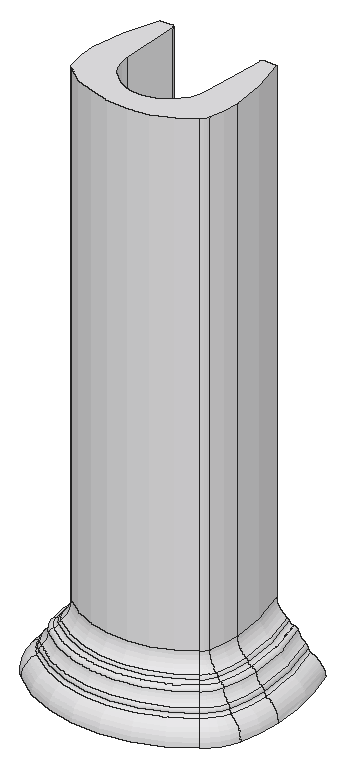
Revit family "Sink-Pedestal-KOHLER-PORTRAIT-K-2223X_1", category Specialty Equipment, host Face, Revit 2017
Family settings
  Host = Face
  Round Connector Dimension = Use Diameter
  Part Type = Normal
  OmniClass Number = 23.31.25.00
  OmniClass Title = Toilet and Bath Specialties
  Cut with Voids When Loaded = No
  Shared = No
  Room Calculation Point = No
Parameters (values of type "0-White")
  Width = 11 31/128"  # constant formula
  WaterSense Certified = 1 = 0  # no
  URL = "https://www.kohler.co.th/"
  Type = 1
  Product Page URL = "https://www.kohler.co.th/productDetails/2223X?skuid=2223X-0"
  Product Name = "PORTRAIT"  # constant formula
  Product Documentation Link = "http://resources.kohler.com/plumbing/kohlerapac/pdf/111442-X4-D.pdf"
  Model = "K-2223X-0"  # constant formula
  Material = "Vitreous china"  # constant formula
  Master Format 2014 Name = "Toilet, Bath, and Laundry Accessories"  # constant formula
  Master Format 2014 = "10 28 00"  # constant formula
  Manufacturer Address = "16th Floor, Jasmine City Building 2, Soi Sukhumvit 23, Sukhumvit Road, Khlong Toei Nuea, Watthana, Bangkok 10110"  # constant formula
  Manufacturer = "KOHLER Co."  # constant formula
  Length = 8 95/128"  # constant formula
  Height = 26 13/128"  # constant formula
  Finish = Kohler-Vitreous_China-0-White
  Environmental Product Declaration = ""
  Description = "Basin"  # constant formula
  Default Elevation = 0"
  Declare Label = ""
  Date Modified = "06/08/2021"  # constant formula
  Date Created = "06/08/2021"  # constant formula
  Copyright = "Copyright KOHLER Co."  # constant formula
  Contact Us = "https://www.kohler.co.th/contact-us"
  Assembly Code = "C1030200"
  ADA Compliant = 1 = 0  # no
Reference planes (in)
  plane 1 "Center (Front/Back)": y = 0
  plane 2: z = 0
  plane 3 "Center (Left/Right)": x = 0
  plane 4: z = 26.10156
  plane 5: y = 8.74219
  plane 6: z = 0.95247
  plane 7: z = 2.00968
  plane 8: y = 4.76533
  plane 9: z = 3.04259
  plane 10: x = -5.62131
  plane 11: x = 5.62088
  plane 12: x = -3.33201
  plane 13: x = 3.30076
Dimensions and locks (in)
  "Height": plane 4 to level
  "Width": plane 10 to plane 11
  "Length": plane 5 to plane 1 "Center (Front/Back)"
  aligned and locked: plane 2 to host face
  aligned and locked: level to host face
  aligned and locked: plane 9 to nested 1
Automatic sketch dimensions
  host sketch curve to host sketch curve = 96"  (x2)
Nested families (in)
  nested 1: "K-2223X" at (0, 12.00512, 0), type "K-2223X"
Definition of nested family "K-2223X"
  Parameters (values of type "K-2223X")
    Sink Material = none
    Single Faucet = if(Single Faucet Hole, 6", 2 3/4")  # 6"
    Single Faucet Hole = yes
    Faucet Hole Spacing = if([4 Inch Faucet Hole], 4", if([8 Inch Faucet Hole], 8", 4"))  # 4"
    8 Inch Faucet Hole = no
    4 Inch Faucet Hole = no
  Reference planes (in)
    plane 1 "Center (Front/Back)": y = -3.26341
    plane 2: z = 0
    plane 3 "Center (Left/Right)": x = 0
    plane 4: y = -7.23979
    plane 5: x = -3.33201
    plane 6: x = 3.33201
    plane 7: z = 3.04259
    plane 8: z = 2.01035
    plane 9: z = 0.95247
    plane 10: x = -5.62131
    plane 11: z = 26.10236
    plane 12: y = -3.97638
    plane 13: y = -10.08022
    plane 14: through (0, -34.83044, 32.76347) normal (0, -0.7071, 0.7071)
    plane 15: y = -12.00512
    plane 16: x = 5.62131
  Forms (in)
    Sweep 1, solid, material <- "Sink Material", detail levels medium+fine
      path origin (0, 0, 0) x (1, 0, 0) y (0, 1, 0)
        loop
          arc (-2.46686, -3.27015) -> (-3.18466, -5.17749) -> (-3.47626, -7.19445) r 9.43768
          arc (-3.47626, -7.19445) -> (-3.44857, -7.92065) -> (-3.3148, -8.63496) r 4.94735
          arc (-3.3148, -8.63496) -> (-3.2398, -8.80457) -> (-3.1159, -8.94256) r 0.59055
          arc (-3.1159, -8.94256) -> (-0.04705, -10.03067) -> (3.0218, -8.94256) r 4.87166
          arc (3.0218, -8.94256) -> (3.14571, -8.80457) -> (3.2207, -8.63496) r 0.59055
          arc (3.2207, -8.63496) -> (3.35448, -7.92065) -> (3.38216, -7.19445) r 4.94735
          arc (3.38216, -7.19445) -> (3.09056, -5.17749) -> (2.37276, -3.27015) r 9.43768
      profile origin (-0.04705, -10.03067, 0) x (0, 1, 0) y (0, 0, 1)
        loop
          arc (-0.90704, 1.83595) -> (-1.01216, 1.54741) -> (-1.20637, 1.30953) r 0.92024
          arc (-1.20637, 1.30953) -> (-1.26784, 1.22464) -> (-1.28615, 1.12144) r 0.2343
          arc (-1.28615, 1.12144) -> (-1.3109, 1.022) -> (-1.38667, 0.95299) r 0.17683
          arc (-1.38667, 0.95299) -> (-1.82102, 0.56313) -> (-1.97444, 0) r 1.03208
          line (-1.97444, 0) -> (0, 0) -> (0, 3.19508) -> (-0.0495, 3.19508) -> (-0.0495, 3.12056)
          arc (-0.0495, 3.12056) -> (-0.15171, 2.66799) -> (-0.4385, 2.30327) r 1.05307
          arc (-0.4385, 2.30327) -> (-0.49613, 2.23824) -> (-0.52985, 2.15816) r 0.26721
          arc (-0.52985, 2.15816) -> (-0.5944, 2.05443) -> (-0.70825, 2.01011) r 0.19335
          arc (-0.70825, 2.01011) -> (-0.83794, 1.95761) -> (-0.90704, 1.83595) r 0.2129
    Extrusion 2, solid, material <- "Sink Material", detail levels medium+fine
      sketch origin (0, 0, 0) x (1, 0, 0) y (0, 1, 0)
        loop
          arc (-2.8511, -4) -> (-3.32672, -5.56713) -> (-3.52573, -7.1927) r 9.48718
          arc (-3.52573, -7.1927) -> (-3.49777, -7.92617) -> (-3.36265, -8.64762) r 4.99685
          arc (-3.36265, -8.64762) -> (-3.28137, -8.83145) -> (-3.14708, -8.98101) r 0.64005
          arc (-3.14708, -8.98101) -> (-0.04705, -10.08018) -> (3.05299, -8.98101) r 4.92116
          arc (3.05299, -8.98101) -> (3.18728, -8.83145) -> (3.26856, -8.64762) r 0.64005
          arc (3.26856, -8.64762) -> (3.40367, -7.92617) -> (3.43164, -7.1927) r 4.99685
          arc (3.43164, -7.1927) -> (3.23262, -5.56713) -> (2.75701, -4) r 9.48718
          line (2.75701, -4) -> (2.18599, -4)
          arc (2.18599, -4) -> (2.09105, -4.0381) -> (2.04879, -4.13126) r 0.13733
          line (2.04879, -4.13126) -> (1.91953, -7.05067)
          arc (1.91953, -7.05067) -> (-0.04705, -8.9321) -> (-2.01362, -7.05067) r 1.9685
          line (-2.01362, -7.05067) -> (-2.14289, -4.13126)
          arc (-2.14289, -4.13126) -> (-2.18515, -4.0381) -> (-2.28009, -4) r 0.13733
          line (-2.28009, -4) -> (-2.8511, -4)
      from 0 to 26.10236
    Extrusion 3, solid, material <- "Sink Material", detail levels medium+fine
      sketch origin (0, 0, 0) x (1, 0, 0) y (0, 1, 0)
        loop
          line (-2.88539, -3.01575) -> (-2.40055, -8.5575)
          arc (-2.40055, -8.5575) -> (-2.07596, -9.30778) -> (-1.36668, -9.71424) r 1.29528
          arc (-1.36668, -9.71424) -> (-0.04636, -9.84626) -> (1.27397, -9.71424) r 6.66795
          arc (1.27397, -9.71424) -> (1.96933, -9.3231) -> (2.30357, -8.59867) r 1.29528
          line (2.30357, -8.59867) -> (2.79202, -3.01575) -> (-2.88539, -3.01575)
      from 0 to 0.31
    Extrusion 4, void
      sketch origin (0, 0, 0) x (0, 1, 0) y (0, 0, 1)
        loop
          line (-4, 3.19508) -> (-3.2472, 0) -> (-2.22835, 0) -> (-2.22835, 3.19508) -> (-4, 3.19508)
      from -5.67018 to 6.8566
    Extrusion 5, void
      sketch origin (0, 0, 0) x (1, 0, 0) y (0, 1, 0)
        loop
          circle (0, -7.25209) r 0.25528
      from -1.63769 to 1.79199
    Sweep 6, solid, material <- "Sink Material", detail levels coarse
      path origin (0, 0, 0) x (1, 0, 0) y (0, 1, 0)
        loop
          arc (-2.46686, -3.27015) -> (-3.18466, -5.17749) -> (-3.47626, -7.19445) r 9.43768
          arc (-3.47626, -7.19445) -> (-3.44857, -7.92065) -> (-3.3148, -8.63496) r 4.94735
          arc (-3.3148, -8.63496) -> (-3.2398, -8.80457) -> (-3.1159, -8.94256) r 0.59055
          arc (-3.1159, -8.94256) -> (-0.04705, -10.03067) -> (3.0218, -8.94256) r 4.87166
          arc (3.0218, -8.94256) -> (3.14571, -8.80457) -> (3.2207, -8.63496) r 0.59055
          arc (3.2207, -8.63496) -> (3.35448, -7.92065) -> (3.38216, -7.19445) r 4.94735
          arc (3.38216, -7.19445) -> (3.09056, -5.17749) -> (2.37276, -3.27015) r 9.43768
      profile origin (-0.04705, -10.03067, 0) x (0, 1, 0) y (0, 0, 1)
        loop
          line (0, 0) -> (0, 3.19508) -> (-0.0495, 3.19508) -> (-0.0495, 2.92163)
          arc (-0.0495, 2.92163) -> (-0.10809, 2.56305) -> (-0.27777, 2.24176) r 1.12656
          line (-0.27777, 2.24176) -> (-1.97444, 0) -> (0, 0)
    Extrusion 7, solid, material <- "Sink Material", detail levels coarse
      sketch origin (0, 0, 0) x (1, 0, 0) y (0, 1, 0)
        loop
          arc (-2.8511, -4) -> (-3.32672, -5.56713) -> (-3.52573, -7.1927) r 9.48718
          arc (-3.52573, -7.1927) -> (-3.49777, -7.92617) -> (-3.36265, -8.64762) r 4.99685
          arc (-3.36265, -8.64762) -> (-3.28137, -8.83145) -> (-3.14708, -8.98101) r 0.64005
          arc (-3.14708, -8.98101) -> (-0.04705, -10.08018) -> (3.05299, -8.98101) r 4.92116
          arc (3.05299, -8.98101) -> (3.18728, -8.83145) -> (3.26856, -8.64762) r 0.64005
          arc (3.26856, -8.64762) -> (3.40367, -7.92617) -> (3.43164, -7.1927) r 4.99685
          arc (3.43164, -7.1927) -> (3.23262, -5.56713) -> (2.75701, -4) r 9.48718
          line (2.75701, -4) -> (2.0546, -4) -> (1.91953, -7.05067)
          arc (1.91953, -7.05067) -> (-0.04705, -8.9321) -> (-2.01362, -7.05067) r 1.9685
          line (-2.01362, -7.05067) -> (-2.1487, -4) -> (-2.8511, -4)
      from 0 to 26.10236
    Extrusion 8, solid, material <- "Sink Material", detail levels coarse
      sketch origin (0, 0, 0) x (1, 0, 0) y (0, 1, 0)
        loop
          line (-2.88539, -3.01575) -> (-2.40055, -8.5575)
          arc (-2.40055, -8.5575) -> (-2.07596, -9.30778) -> (-1.36668, -9.71424) r 1.29528
          arc (-1.36668, -9.71424) -> (-0.04636, -9.84626) -> (1.27397, -9.71424) r 6.66795
          arc (1.27397, -9.71424) -> (1.96933, -9.3231) -> (2.30357, -8.59867) r 1.29528
          line (2.30357, -8.59867) -> (2.79202, -3.01575) -> (-2.88539, -3.01575)
      from 0 to 0.31
  Cuts and joins
    Extrusion 4, Extrusion 5 cuts Sweep 1
    Extrusion 4, Extrusion 5 cuts Extrusion 2
    Extrusion 4, Extrusion 5 cuts Extrusion 3
    joined: Sweep 1, Extrusion 2, Extrusion 3
    Extrusion 4 cuts Sweep 6
    Extrusion 4 cuts Extrusion 8
    joined: Sweep 6, Extrusion 7, Extrusion 8
  Lines and regions (in)
    Masking region 1
      outline origin (0, 0, 0) x (0, 1, 0) y (0, 0, 1)
        loop
          line (-3.97638, 0) -> (-3.26181, 0)
          spline (-3.26181, 0) -> (-3.26281, 0.09855) -> (-3.26732, 0.19639) -> (-3.2753, 0.29264) -> (-3.28667, 0.38641) -> (-3.30134, 0.47685) -> (-3.31917, 0.56313) -> (-3.33999, 0.64447) -> (-3.36363, 0.72012) -> (-3.38985, 0.7894) -> (-3.41842, 0.85167) -> (-3.44909, 0.90637) -> (-3.48156, 0.95299)
          spline (-3.48156, 0.95299) -> (-3.48726, 0.9612) -> (-3.49264, 0.97086) -> (-3.49763, 0.98189) -> (-3.5022, 0.99416) -> (-3.5063, 1.00758) -> (-3.50989, 1.022) -> (-3.51293, 1.03729) -> (-3.5154, 1.05331) -> (-3.51727, 1.06989) -> (-3.51852, 1.08688) -> (-3.51915, 1.10412) -> (-3.51914, 1.12144)
          spline (-3.51914, 1.12144) -> (-3.51906, 1.13905) -> (-3.51948, 1.15663) -> (-3.52038, 1.17408) -> (-3.52178, 1.19129) -> (-3.52365, 1.20818) -> (-3.52599, 1.22464) -> (-3.52879, 1.24058) -> (-3.53202, 1.25592) -> (-3.53568, 1.27056) -> (-3.53974, 1.28443) -> (-3.54418, 1.29744) -> (-3.54897, 1.30953)
          spline (-3.54897, 1.30953) -> (-3.56308, 1.34444) -> (-3.57644, 1.38141) -> (-3.58901, 1.42031) -> (-3.60075, 1.46103) -> (-3.61162, 1.50344) -> (-3.62158, 1.54741) -> (-3.63061, 1.5928) -> (-3.63868, 1.63947) -> (-3.64576, 1.68727) -> (-3.65184, 1.73605) -> (-3.65688, 1.78566) -> (-3.66088, 1.83595)
          spline (-3.66088, 1.83595) -> (-3.66297, 1.85903) -> (-3.66601, 1.88135) -> (-3.66996, 1.90262) -> (-3.67477, 1.92258) -> (-3.68038, 1.94099) -> (-3.68672, 1.95761) -> (-3.69371, 1.97224) -> (-3.70127, 1.98469) -> (-3.7093, 1.99482) -> (-3.71771, 2.00249) -> (-3.72638, 2.0076) -> (-3.7352, 2.01011)
          spline (-3.7352, 2.01011) -> (-3.74291, 2.01224) -> (-3.75048, 2.01657) -> (-3.75783, 2.02304) -> (-3.76488, 2.03158) -> (-3.77156, 2.04208) -> (-3.77777, 2.05443) -> (-3.78345, 2.06849) -> (-3.78854, 2.08409) -> (-3.79298, 2.10106) -> (-3.79671, 2.1192) -> (-3.7997, 2.13831) -> (-3.8019, 2.15816)
          spline (-3.8019, 2.15816) -> (-3.80331, 2.1722) -> (-3.80501, 2.18603) -> (-3.80698, 2.19958) -> (-3.80923, 2.21283) -> (-3.81174, 2.22573) -> (-3.81451, 2.23824) -> (-3.81753, 2.25033) -> (-3.82079, 2.26197) -> (-3.82429, 2.27311) -> (-3.828, 2.28373) -> (-3.83193, 2.2938) -> (-3.83606, 2.30327)
          spline (-3.83606, 2.30327) -> (-3.8541, 2.34498) -> (-3.87117, 2.38954) -> (-3.8872, 2.43679) -> (-3.90214, 2.48654) -> (-3.91591, 2.53862) -> (-3.92849, 2.59283) -> (-3.93981, 2.64899) -> (-3.94984, 2.70687) -> (-3.95854, 2.76627) -> (-3.96588, 2.82697) -> (-3.97183, 2.88875) -> (-3.97638, 2.95138)
          line (-3.97638, 2.95138) -> (-3.97638, 26.10236) -> (-10.08022, 26.10236) -> (-10.08022, 3.09076)
          arc (-10.08022, 3.09076) -> (-10.18507, 2.66087) -> (-10.45928, 2.31359) r 1.03912
          arc (-10.45928, 2.31359) -> (-10.52477, 2.2398) -> (-10.56428, 2.14938) r 0.31553
          arc (-10.56428, 2.14938) -> (-10.62788, 2.05094) -> (-10.73758, 2.00968) r 0.18702
          arc (-10.73758, 2.00968) -> (-10.86709, 1.95834) -> (-10.93636, 1.83748) r 0.21099
          arc (-10.93636, 1.83748) -> (-11.0432, 1.54559) -> (-11.23973, 1.30479) r 0.93588
          arc (-11.23973, 1.30479) -> (-11.29775, 1.22481) -> (-11.31546, 1.12761) r 0.22266
          arc (-11.31546, 1.12761) -> (-11.34173, 1.02325) -> (-11.42091, 0.95037) r 0.1881
          arc (-11.42091, 0.95037) -> (-11.85112, 0.56009) -> (-12.00512, 0) r 1.04061
          line (-12.00512, 0) -> (-3.97638, 0)
    Masking region 2
      outline origin (0, -3.26341, 0) x (1, 0, 0) y (0, 0, 1)
        loop
          line (-5.62133, 0) -> (5.62133, 0)
          arc (5.62133, 0) -> (5.4718, 0.563) -> (5.03861, 0.95247) r 1.02046
          arc (5.03861, 0.95247) -> (4.95944, 1.02475) -> (4.93428, 1.12896) r 0.18315
          arc (4.93428, 1.12896) -> (4.91797, 1.22637) -> (4.86073, 1.30687) r 0.22031
          arc (4.86073, 1.30687) -> (4.66386, 1.55023) -> (4.55587, 1.84404) r 0.95877
          arc (4.55587, 1.84404) -> (4.48797, 1.9612) -> (4.3618, 2.01035) r 0.20475
          arc (4.3618, 2.01035) -> (4.25198, 2.04954) -> (4.18503, 2.145) r 0.19217
          arc (4.18503, 2.145) -> (4.13855, 2.24285) -> (4.06684, 2.32404) r 0.38798
          arc (4.06684, 2.32404) -> (3.81239, 2.64694) -> (3.70072, 3.04259) r 1.05464
          line (3.70072, 3.04259) -> (3.33201, 26.10236) -> (-3.33201, 26.10236) -> (-3.70072, 3.04259)
          arc (-3.70072, 3.04259) -> (-3.81239, 2.64694) -> (-4.06684, 2.32404) r 1.05464
          arc (-4.06684, 2.32404) -> (-4.13855, 2.24285) -> (-4.18503, 2.145) r 0.38798
          arc (-4.18503, 2.145) -> (-4.25198, 2.04954) -> (-4.3618, 2.01035) r 0.19217
          arc (-4.3618, 2.01035) -> (-4.48797, 1.9612) -> (-4.55587, 1.84404) r 0.20475
          arc (-4.55587, 1.84404) -> (-4.66386, 1.55023) -> (-4.86073, 1.30687) r 0.95877
          arc (-4.86073, 1.30687) -> (-4.91797, 1.22637) -> (-4.93428, 1.12896) r 0.22031
          arc (-4.93428, 1.12896) -> (-4.95944, 1.02475) -> (-5.03861, 0.95247) r 0.18315
          arc (-5.03861, 0.95247) -> (-5.4718, 0.563) -> (-5.62133, 0) r 1.02046
    Masking region 3
      outline origin (0, 0, 0) x (1, 0, 0) y (0, 1, 0)
        loop
          arc (-4.73996, -10.11149) -> (0.10238, -12.00414) -> (4.87806, -9.94907) r 6.8461
          arc (4.87806, -9.94907) -> (5.2395, -9.46016) -> (5.45367, -8.89112) r 2.20472
          arc (5.45367, -8.89112) -> (5.59299, -8.01315) -> (5.61863, -7.12457) r 6.92179
          arc (5.61863, -7.12457) -> (5.37693, -5.15828) -> (4.79882, -3.26341) r 11.41212
          line (4.79882, -3.26341) -> (-4.79574, -3.26341)
          arc (-4.79574, -3.26341) -> (-5.37386, -5.15828) -> (-5.61556, -7.12457) r 11.41212
          arc (-5.61556, -7.12457) -> (-5.58036, -8.10834) -> (-5.40596, -9.07717) r 6.92179
          arc (-5.40596, -9.07717) -> (-5.13444, -9.63391) -> (-4.73996, -10.11149) r 2.62369
    symbolic lines, detail levels medium+fine
      curve 1: line (0, -8.73007, 3.10707) -> (0, -8.73007, 26.10236)
      curve 2: line (0, -9.73152, 3.13421) -> (0, -9.73152, 26.10236)
      curve 3: spline (0, -10.02829, 2.30379) -> (0, -9.98301, 2.35559) -> (0, -9.94083, 2.41178) -> (0, -9.90197, 2.47202) -> (0, -9.86667, 2.53598) -> (0, -9.83511, 2.6033) -> (0, -9.80749, 2.67358) -> (0, -9.78396, 2.74643) -> (0, -9.76466, 2.82143) -> (0, -9.74969, 2.89815) -> (0, -9.73914, 2.97615) -> (0, -9.73307, 3.05498) -> (0, -9.73152, 3.13421)
      curve 4: spline (0, -10.23373, 2.01011) -> (0, -10.21839, 2.01211) -> (0, -10.20329, 2.01625) -> (0, -10.1886, 2.02248) -> (0, -10.17449, 2.03073) -> (0, -10.16111, 2.04091) -> (0, -10.14861, 2.05292) -> (0, -10.13712, 2.06661) -> (0, -10.12678, 2.08183) -> (0, -10.1177, 2.09842) -> (0, -10.10998, 2.11619) -> (0, -10.1037, 2.13495) -> (0, -10.09894, 2.15449)
      curve 5: spline (0, -10.09894, 2.15449) -> (0, -10.09611, 2.16899) -> (0, -10.09268, 2.18327) -> (0, -10.08865, 2.19726) -> (0, -10.08404, 2.21093) -> (0, -10.07886, 2.22424) -> (0, -10.07313, 2.23714) -> (0, -10.06686, 2.24959) -> (0, -10.06009, 2.26155) -> (0, -10.05282, 2.27299) -> (0, -10.04508, 2.28386) -> (0, -10.03689, 2.29414) -> (0, -10.02829, 2.30379)
      curve 6: spline (0, -10.38348, 1.84112) -> (0, -10.37882, 1.86376) -> (0, -10.37234, 1.88558) -> (0, -10.36412, 1.90632) -> (0, -10.35425, 1.92574) -> (0, -10.34286, 1.94361) -> (0, -10.33009, 1.95971) -> (0, -10.31607, 1.97384) -> (0, -10.30099, 1.98585) -> (0, -10.28502, 1.99558) -> (0, -10.26835, 2.00292) -> (0, -10.25119, 2.00778) -> (0, -10.23373, 2.01011)
      curve 7: spline (0, -10.60983, 1.30973) -> (0, -10.58117, 1.3448) -> (0, -10.55405, 1.38199) -> (0, -10.52855, 1.42117) -> (0, -10.50475, 1.46222) -> (0, -10.48273, 1.50501) -> (0, -10.46255, 1.5494) -> (0, -10.44429, 1.59525) -> (0, -10.428, 1.64242) -> (0, -10.41373, 1.69074) -> (0, -10.40152, 1.74007) -> (0, -10.39143, 1.79026) -> (0, -10.38348, 1.84112)
      curve 8: spline (0, -10.66989, 1.11792) -> (0, -10.67023, 1.13589) -> (0, -10.66953, 1.15384) -> (0, -10.66781, 1.17166) -> (0, -10.66507, 1.18925) -> (0, -10.66134, 1.20651) -> (0, -10.65663, 1.22333) -> (0, -10.65097, 1.23962) -> (0, -10.6444, 1.25527) -> (0, -10.63695, 1.27019) -> (0, -10.62867, 1.2843) -> (0, -10.61961, 1.2975) -> (0, -10.60983, 1.30973)
      curve 9: spline (0, -10.74545, 0.95301) -> (0, -10.73422, 0.96099) -> (0, -10.72362, 0.97039) -> (0, -10.71375, 0.98113) -> (0, -10.70469, 0.9931) -> (0, -10.69654, 1.00619) -> (0, -10.68936, 1.02028) -> (0, -10.68323, 1.03524) -> (0, -10.6782, 1.05092) -> (0, -10.67432, 1.06719) -> (0, -10.67163, 1.08388) -> (0, -10.67015, 1.10084) -> (0, -10.66989, 1.11792)
      curve 10: spline (0, -11.18551, 0) -> (0, -11.18347, 0.0989) -> (0, -11.17441, 0.19706) -> (0, -11.15839, 0.29358) -> (0, -11.13558, 0.38757) -> (0, -11.10617, 0.47817) -> (0, -11.07044, 0.56454) -> (0, -11.02873, 0.64588) -> (0, -10.9814, 0.72145) -> (0, -10.92891, 0.79056) -> (0, -10.87173, 0.85255) -> (0, -10.81039, 0.90687) -> (0, -10.74545, 0.95301)
      curve 11: spline (0, -9.02681, 2.30379) -> (0, -8.98279, 2.35405) -> (0, -8.94167, 2.40846) -> (0, -8.90368, 2.46671) -> (0, -8.86903, 2.52851) -> (0, -8.8379, 2.5935) -> (0, -8.81046, 2.66136) -> (0, -8.78685, 2.73169) -> (0, -8.76721, 2.80414) -> (0, -8.75164, 2.8783) -> (0, -8.74022, 2.95379) -> (0, -8.73301, 3.03018) -> (0, -8.73007, 3.10707)
      curve 12: spline (0, -9.23225, 2.01011) -> (0, -9.21691, 2.01211) -> (0, -9.20181, 2.01625) -> (0, -9.18712, 2.02248) -> (0, -9.17301, 2.03073) -> (0, -9.15963, 2.04091) -> (0, -9.14713, 2.05292) -> (0, -9.13564, 2.06661) -> (0, -9.1253, 2.08183) -> (0, -9.11622, 2.09842) -> (0, -9.1085, 2.11619) -> (0, -9.10222, 2.13495) -> (0, -9.09746, 2.15449)
      curve 13: spline (0, -9.09746, 2.15449) -> (0, -9.09463, 2.16899) -> (0, -9.0912, 2.18327) -> (0, -9.08717, 2.19726) -> (0, -9.08256, 2.21093) -> (0, -9.07738, 2.22424) -> (0, -9.07165, 2.23714) -> (0, -9.06538, 2.24959) -> (0, -9.05861, 2.26155) -> (0, -9.05134, 2.27299) -> (0, -9.0436, 2.28386) -> (0, -9.03541, 2.29414) -> (0, -9.02681, 2.30379)
      curve 14: spline (0, -9.382, 1.84112) -> (0, -9.37734, 1.86376) -> (0, -9.37086, 1.88558) -> (0, -9.36264, 1.90632) -> (0, -9.35277, 1.92574) -> (0, -9.34138, 1.94361) -> (0, -9.32861, 1.95971) -> (0, -9.31459, 1.97384) -> (0, -9.29951, 1.98585) -> (0, -9.28354, 1.99558) -> (0, -9.26687, 2.00292) -> (0, -9.24971, 2.00778) -> (0, -9.23225, 2.01011)
      curve 15: spline (0, -9.60835, 1.30973) -> (0, -9.57969, 1.3448) -> (0, -9.55257, 1.38199) -> (0, -9.52707, 1.42117) -> (0, -9.50327, 1.46222) -> (0, -9.48125, 1.50501) -> (0, -9.46107, 1.5494) -> (0, -9.44281, 1.59525) -> (0, -9.42652, 1.64242) -> (0, -9.41225, 1.69074) -> (0, -9.40004, 1.74007) -> (0, -9.38995, 1.79026) -> (0, -9.382, 1.84112)
      curve 16: spline (0, -9.66841, 1.11792) -> (0, -9.66875, 1.13589) -> (0, -9.66805, 1.15384) -> (0, -9.66633, 1.17166) -> (0, -9.66359, 1.18925) -> (0, -9.65986, 1.20651) -> (0, -9.65515, 1.22333) -> (0, -9.64949, 1.23962) -> (0, -9.64292, 1.25527) -> (0, -9.63547, 1.27019) -> (0, -9.6272, 1.2843) -> (0, -9.61813, 1.2975) -> (0, -9.60835, 1.30973)
      curve 17: spline (0, -9.74403, 0.95284) -> (0, -9.73279, 0.96083) -> (0, -9.72218, 0.97024) -> (0, -9.71229, 0.98098) -> (0, -9.70322, 0.99296) -> (0, -9.69505, 1.00607) -> (0, -9.68787, 1.02017) -> (0, -9.68173, 1.03514) -> (0, -9.6767, 1.05085) -> (0, -9.67282, 1.06713) -> (0, -9.67014, 1.08384) -> (0, -9.66866, 1.10082) -> (0, -9.66841, 1.11792)
      curve 18: spline (0, -10.18396, 0) -> (0, -10.18211, 0.09887) -> (0, -10.1732, 0.19701) -> (0, -10.15731, 0.29351) -> (0, -10.13459, 0.38748) -> (0, -10.10524, 0.47806) -> (0, -10.06955, 0.56441) -> (0, -10.02783, 0.64574) -> (0, -9.98047, 0.7213) -> (0, -9.9279, 0.79039) -> (0, -9.87061, 0.85238) -> (0, -9.80914, 0.9067) -> (0, -9.74403, 0.95284)
      curve 19: line (0, -10.0826, 3.04259) -> (0, -3.97638, 3.04259)
      curve 20: line (0, -11.41661, 0.95247) -> (0, -3.4823, 0.95247)
      curve 21: line (0, -10.73758, 2.00968) -> (0, -3.73958, 2.00968)
      curve 22: line (-3.14323, -3.26341, 3.19508) -> (-3.14323, -3.26341, 26.10236)
      curve 23: spline (-4.85725, -3.26341, 0.00008) -> (-4.85486, -3.26341, 0.0992) -> (-4.84416, -3.26341, 0.19757) -> (-4.82526, -3.26341, 0.29426) -> (-4.79834, -3.26341, 0.38839) -> (-4.76363, -3.26341, 0.47907) -> (-4.72148, -3.26341, 0.56548) -> (-4.67225, -3.26341, 0.64681) -> (-4.61642, -3.26341, 0.72231) -> (-4.55449, -3.26341, 0.79127) -> (-4.48705, -3.26341, 0.85306) -> (-4.41471, -3.26341, 0.9071) -> (-4.33815, -3.26341, 0.9529)
      curve 24: spline (-4.33815, -3.26341, 0.9529) -> (-4.32506, -3.26341, 0.96074) -> (-4.31268, -3.26341, 0.96999) -> (-4.30112, -3.26341, 0.98056) -> (-4.29051, -3.26341, 0.99237) -> (-4.28093, -3.26341, 1.00529) -> (-4.27247, -3.26341, 1.01921) -> (-4.26521, -3.26341, 1.03401) -> (-4.25923, -3.26341, 1.04954) -> (-4.25456, -3.26341, 1.06565) -> (-4.25127, -3.26341, 1.08221) -> (-4.24937, -3.26341, 1.09905) -> (-4.24889, -3.26341, 1.11603)
      curve 25: spline (-4.24889, -3.26341, 1.11603) -> (-4.24943, -3.26341, 1.13413) -> (-4.24875, -3.26341, 1.15221) -> (-4.24683, -3.26341, 1.17018) -> (-4.2437, -3.26341, 1.18792) -> (-4.23937, -3.26341, 1.20533) -> (-4.23387, -3.26341, 1.22229) -> (-4.22723, -3.26341, 1.23871) -> (-4.21949, -3.26341, 1.25449) -> (-4.21071, -3.26341, 1.26952) -> (-4.20093, -3.26341, 1.28373) -> (-4.19021, -3.26341, 1.29702) -> (-4.17861, -3.26341, 1.30931)
      curve 26: spline (-4.17861, -3.26341, 1.30931) -> (-4.14479, -3.26341, 1.34442) -> (-4.11277, -3.26341, 1.38168) -> (-4.08264, -3.26341, 1.42099) -> (-4.05451, -3.26341, 1.46221) -> (-4.02848, -3.26341, 1.5052) -> (-4.00461, -3.26341, 1.54983) -> (-3.983, -3.26341, 1.59594) -> (-3.96371, -3.26341, 1.6434) -> (-3.94681, -3.26341, 1.69204) -> (-3.93234, -3.26341, 1.74171) -> (-3.92037, -3.26341, 1.79224) -> (-3.91092, -3.26341, 1.84346)
      curve 27: spline (-3.91092, -3.26341, 1.84346) -> (-3.90525, -3.26341, 1.86592) -> (-3.89749, -3.26341, 1.88753) -> (-3.88772, -3.26341, 1.90805) -> (-3.87605, -3.26341, 1.92723) -> (-3.86263, -3.26341, 1.94486) -> (-3.84762, -3.26341, 1.96072) -> (-3.83118, -3.26341, 1.97463) -> (-3.81351, -3.26341, 1.98642) -> (-3.79483, -3.26341, 1.99596) -> (-3.77534, -3.26341, 2.00314) -> (-3.75528, -3.26341, 2.00786) -> (-3.73488, -3.26341, 2.01009)
      curve 28: spline (-3.73488, -3.26341, 2.01009) -> (-3.71696, -3.26341, 2.012) -> (-3.69932, -3.26341, 2.01605) -> (-3.68214, -3.26341, 2.02218) -> (-3.66561, -3.26341, 2.03033) -> (-3.64991, -3.26341, 2.0404) -> (-3.63522, -3.26341, 2.0523) -> (-3.6217, -3.26341, 2.06589) -> (-3.60949, -3.26341, 2.08101) -> (-3.59873, -3.26341, 2.09751) -> (-3.58953, -3.26341, 2.1152) -> (-3.582, -3.26341, 2.13389) -> (-3.57622, -3.26341, 2.15338)
      curve 29: spline (-3.57622, -3.26341, 2.15338) -> (-3.57294, -3.26341, 2.16799) -> (-3.56894, -3.26341, 2.18237) -> (-3.56423, -3.26341, 2.19647) -> (-3.55882, -3.26341, 2.21024) -> (-3.55273, -3.26341, 2.22363) -> (-3.54598, -3.26341, 2.23662) -> (-3.5386, -3.26341, 2.24914) -> (-3.5306, -3.26341, 2.26117) -> (-3.52201, -3.26341, 2.27267) -> (-3.51286, -3.26341, 2.28359) -> (-3.50319, -3.26341, 2.29391) -> (-3.49301, -3.26341, 2.30359)
      curve 30: line (-2.61582, -3.26341, 3.19508) -> (-2.61582, -3.26341, 26.10236)
      curve 31: arc (-3.49301, -3.26341, 2.30359) -> (-3.21242, -3.26341, 2.70786) -> (-3.14323, -3.26341, 3.19508) r 1.06637
      curve 32: spline (-4.32984, -3.26341, 0.00008) -> (-4.32744, -3.26341, 0.0992) -> (-4.31675, -3.26341, 0.19756) -> (-4.29785, -3.26341, 0.29425) -> (-4.27093, -3.26341, 0.38838) -> (-4.23623, -3.26341, 0.47906) -> (-4.19407, -3.26341, 0.56547) -> (-4.14485, -3.26341, 0.6468) -> (-4.08902, -3.26341, 0.72229) -> (-4.02709, -3.26341, 0.79125) -> (-3.95965, -3.26341, 0.85304) -> (-3.88732, -3.26341, 0.90709) -> (-3.81076, -3.26341, 0.95289)
      curve 33: spline (-3.81076, -3.26341, 0.95289) -> (-3.79766, -3.26341, 0.96073) -> (-3.78528, -3.26341, 0.96998) -> (-3.77372, -3.26341, 0.98055) -> (-3.76311, -3.26341, 0.99236) -> (-3.75352, -3.26341, 1.00528) -> (-3.74506, -3.26341, 1.0192) -> (-3.7378, -3.26341, 1.034) -> (-3.73182, -3.26341, 1.04953) -> (-3.72715, -3.26341, 1.06565) -> (-3.72386, -3.26341, 1.08221) -> (-3.72196, -3.26341, 1.09905) -> (-3.72148, -3.26341, 1.11603)
      curve 34: spline (-3.72148, -3.26341, 1.11603) -> (-3.72202, -3.26341, 1.13413) -> (-3.72133, -3.26341, 1.15221) -> (-3.71942, -3.26341, 1.17018) -> (-3.71628, -3.26341, 1.18792) -> (-3.71195, -3.26341, 1.20533) -> (-3.70645, -3.26341, 1.22229) -> (-3.69981, -3.26341, 1.23871) -> (-3.69208, -3.26341, 1.25449) -> (-3.68329, -3.26341, 1.26953) -> (-3.67351, -3.26341, 1.28373) -> (-3.66279, -3.26341, 1.29702) -> (-3.6512, -3.26341, 1.30931)
      curve 35: spline (-3.6512, -3.26341, 1.30931) -> (-3.61738, -3.26341, 1.34442) -> (-3.58535, -3.26341, 1.38169) -> (-3.55523, -3.26341, 1.42099) -> (-3.5271, -3.26341, 1.46221) -> (-3.50106, -3.26341, 1.5052) -> (-3.4772, -3.26341, 1.54983) -> (-3.45558, -3.26341, 1.59594) -> (-3.4363, -3.26341, 1.6434) -> (-3.41939, -3.26341, 1.69204) -> (-3.40493, -3.26341, 1.74171) -> (-3.39296, -3.26341, 1.79224) -> (-3.38351, -3.26341, 1.84346)
      curve 36: spline (-3.38351, -3.26341, 1.84346) -> (-3.37784, -3.26341, 1.86592) -> (-3.37007, -3.26341, 1.88753) -> (-3.3603, -3.26341, 1.90805) -> (-3.34864, -3.26341, 1.92723) -> (-3.33522, -3.26341, 1.94486) -> (-3.3202, -3.26341, 1.96072) -> (-3.30377, -3.26341, 1.97463) -> (-3.2861, -3.26341, 1.98642) -> (-3.26742, -3.26341, 1.99596) -> (-3.24793, -3.26341, 2.00314) -> (-3.22786, -3.26341, 2.00786) -> (-3.20746, -3.26341, 2.01009)
      curve 37: spline (-3.20746, -3.26341, 2.01009) -> (-3.18955, -3.26341, 2.012) -> (-3.1719, -3.26341, 2.01605) -> (-3.15472, -3.26341, 2.02218) -> (-3.13819, -3.26341, 2.03033) -> (-3.1225, -3.26341, 2.0404) -> (-3.10781, -3.26341, 2.0523) -> (-3.09428, -3.26341, 2.06588) -> (-3.08207, -3.26341, 2.08101) -> (-3.07131, -3.26341, 2.09751) -> (-3.06212, -3.26341, 2.1152) -> (-3.05459, -3.26341, 2.13389) -> (-3.0488, -3.26341, 2.15338)
      curve 38: spline (-3.0488, -3.26341, 2.15338) -> (-3.04553, -3.26341, 2.16799) -> (-3.04152, -3.26341, 2.18237) -> (-3.03681, -3.26341, 2.19647) -> (-3.0314, -3.26341, 2.21024) -> (-3.02531, -3.26341, 2.22363) -> (-3.01857, -3.26341, 2.23662) -> (-3.01118, -3.26341, 2.24914) -> (-3.00318, -3.26341, 2.26117) -> (-2.9946, -3.26341, 2.27267) -> (-2.98545, -3.26341, 2.28359) -> (-2.97577, -3.26341, 2.29391) -> (-2.96559, -3.26341, 2.30359)
      curve 39: arc (-2.96559, -3.26341, 2.30359) -> (-2.685, -3.26341, 2.70786) -> (-2.61582, -3.26341, 3.19508) r 1.06637
      curve 40: spline (4.85725, -3.26341, 0.00008) -> (4.85486, -3.26341, 0.0992) -> (4.84416, -3.26341, 0.19756) -> (4.82526, -3.26341, 0.29425) -> (4.79834, -3.26341, 0.38838) -> (4.76364, -3.26341, 0.47906) -> (4.72148, -3.26341, 0.56547) -> (4.67226, -3.26341, 0.6468) -> (4.61643, -3.26341, 0.72229) -> (4.55451, -3.26341, 0.79125) -> (4.48707, -3.26341, 0.85304) -> (4.41473, -3.26341, 0.90709) -> (4.33818, -3.26341, 0.95289)
      curve 41: spline (4.33818, -3.26341, 0.95289) -> (4.32508, -3.26341, 0.96073) -> (4.31269, -3.26341, 0.96998) -> (4.30114, -3.26341, 0.98055) -> (4.29052, -3.26341, 0.99236) -> (4.28094, -3.26341, 1.00528) -> (4.27248, -3.26341, 1.0192) -> (4.26522, -3.26341, 1.034) -> (4.25923, -3.26341, 1.04953) -> (4.25457, -3.26341, 1.06565) -> (4.25127, -3.26341, 1.08221) -> (4.24937, -3.26341, 1.09905) -> (4.24889, -3.26341, 1.11603)
      curve 42: spline (4.24889, -3.26341, 1.11603) -> (4.24943, -3.26341, 1.13413) -> (4.24875, -3.26341, 1.15221) -> (4.24683, -3.26341, 1.17018) -> (4.2437, -3.26341, 1.18792) -> (4.23937, -3.26341, 1.20533) -> (4.23387, -3.26341, 1.22229) -> (4.22723, -3.26341, 1.23871) -> (4.21949, -3.26341, 1.25449) -> (4.21071, -3.26341, 1.26953) -> (4.20092, -3.26341, 1.28373) -> (4.1902, -3.26341, 1.29702) -> (4.17861, -3.26341, 1.30931)
      curve 43: spline (4.17861, -3.26341, 1.30931) -> (4.14479, -3.26341, 1.34442) -> (4.11277, -3.26341, 1.38169) -> (4.08264, -3.26341, 1.42099) -> (4.05451, -3.26341, 1.46221) -> (4.02847, -3.26341, 1.5052) -> (4.00461, -3.26341, 1.54983) -> (3.983, -3.26341, 1.59594) -> (3.96371, -3.26341, 1.6434) -> (3.94681, -3.26341, 1.69204) -> (3.93234, -3.26341, 1.74171) -> (3.92037, -3.26341, 1.79224) -> (3.91092, -3.26341, 1.84346)
      curve 44: spline (3.91092, -3.26341, 1.84346) -> (3.90525, -3.26341, 1.86592) -> (3.89749, -3.26341, 1.88753) -> (3.88772, -3.26341, 1.90805) -> (3.87605, -3.26341, 1.92723) -> (3.86263, -3.26341, 1.94486) -> (3.84762, -3.26341, 1.96072) -> (3.83118, -3.26341, 1.97463) -> (3.81352, -3.26341, 1.98642) -> (3.79483, -3.26341, 1.99596) -> (3.77534, -3.26341, 2.00314) -> (3.75528, -3.26341, 2.00786) -> (3.73488, -3.26341, 2.01009)
      curve 45: spline (3.73488, -3.26341, 2.01009) -> (3.71696, -3.26341, 2.012) -> (3.69932, -3.26341, 2.01605) -> (3.68214, -3.26341, 2.02218) -> (3.66561, -3.26341, 2.03033) -> (3.64991, -3.26341, 2.0404) -> (3.63522, -3.26341, 2.0523) -> (3.6217, -3.26341, 2.06588) -> (3.60949, -3.26341, 2.08101) -> (3.59873, -3.26341, 2.09751) -> (3.58953, -3.26341, 2.1152) -> (3.582, -3.26341, 2.13389) -> (3.57622, -3.26341, 2.15338)
      curve 46: spline (3.57622, -3.26341, 2.15338) -> (3.57294, -3.26341, 2.16799) -> (3.56894, -3.26341, 2.18237) -> (3.56423, -3.26341, 2.19647) -> (3.55882, -3.26341, 2.21024) -> (3.55273, -3.26341, 2.22363) -> (3.54598, -3.26341, 2.23662) -> (3.5386, -3.26341, 2.24914) -> (3.5306, -3.26341, 2.26117) -> (3.52201, -3.26341, 2.27267) -> (3.51286, -3.26341, 2.28359) -> (3.50319, -3.26341, 2.29391) -> (3.49301, -3.26341, 2.30359)
      curve 47: arc (3.49301, -3.26341, 2.30359) -> (3.21242, -3.26341, 2.70786) -> (3.14323, -3.26341, 3.19508) r 1.06637
      curve 48: spline (4.32984, -3.26341, 0.00008) -> (4.32744, -3.26341, 0.0992) -> (4.31675, -3.26341, 0.19756) -> (4.29785, -3.26341, 0.29425) -> (4.27093, -3.26341, 0.38838) -> (4.23623, -3.26341, 0.47906) -> (4.19407, -3.26341, 0.56547) -> (4.14485, -3.26341, 0.6468) -> (4.08902, -3.26341, 0.72229) -> (4.02709, -3.26341, 0.79125) -> (3.95965, -3.26341, 0.85304) -> (3.88732, -3.26341, 0.90709) -> (3.81076, -3.26341, 0.95289)
      curve 49: spline (3.81076, -3.26341, 0.95289) -> (3.79766, -3.26341, 0.96073) -> (3.78528, -3.26341, 0.96998) -> (3.77372, -3.26341, 0.98055) -> (3.76311, -3.26341, 0.99236) -> (3.75352, -3.26341, 1.00528) -> (3.74506, -3.26341, 1.0192) -> (3.7378, -3.26341, 1.034) -> (3.73182, -3.26341, 1.04953) -> (3.72715, -3.26341, 1.06565) -> (3.72386, -3.26341, 1.08221) -> (3.72196, -3.26341, 1.09905) -> (3.72148, -3.26341, 1.11603)
      curve 50: spline (3.72148, -3.26341, 1.11603) -> (3.72202, -3.26341, 1.13413) -> (3.72133, -3.26341, 1.15221) -> (3.71942, -3.26341, 1.17018) -> (3.71628, -3.26341, 1.18792) -> (3.71195, -3.26341, 1.20533) -> (3.70645, -3.26341, 1.22229) -> (3.69981, -3.26341, 1.23871) -> (3.69208, -3.26341, 1.25449) -> (3.68329, -3.26341, 1.26953) -> (3.67351, -3.26341, 1.28373) -> (3.66279, -3.26341, 1.29702) -> (3.6512, -3.26341, 1.30931)
      curve 51: spline (3.6512, -3.26341, 1.30931) -> (3.61738, -3.26341, 1.34442) -> (3.58535, -3.26341, 1.38169) -> (3.55523, -3.26341, 1.42099) -> (3.5271, -3.26341, 1.46221) -> (3.50106, -3.26341, 1.5052) -> (3.4772, -3.26341, 1.54983) -> (3.45558, -3.26341, 1.59594) -> (3.4363, -3.26341, 1.6434) -> (3.41939, -3.26341, 1.69204) -> (3.40493, -3.26341, 1.74171) -> (3.39296, -3.26341, 1.79224) -> (3.38351, -3.26341, 1.84346)
      curve 52: spline (3.38351, -3.26341, 1.84346) -> (3.37784, -3.26341, 1.86592) -> (3.37007, -3.26341, 1.88753) -> (3.3603, -3.26341, 1.90805) -> (3.34864, -3.26341, 1.92723) -> (3.33522, -3.26341, 1.94486) -> (3.3202, -3.26341, 1.96072) -> (3.30377, -3.26341, 1.97463) -> (3.2861, -3.26341, 1.98642) -> (3.26742, -3.26341, 1.99596) -> (3.24793, -3.26341, 2.00314) -> (3.22786, -3.26341, 2.00786) -> (3.20746, -3.26341, 2.01009)
      curve 53: spline (3.20746, -3.26341, 2.01009) -> (3.18955, -3.26341, 2.012) -> (3.1719, -3.26341, 2.01605) -> (3.15472, -3.26341, 2.02218) -> (3.13819, -3.26341, 2.03033) -> (3.1225, -3.26341, 2.0404) -> (3.10781, -3.26341, 2.0523) -> (3.09428, -3.26341, 2.06588) -> (3.08207, -3.26341, 2.08101) -> (3.07131, -3.26341, 2.09751) -> (3.06212, -3.26341, 2.1152) -> (3.05459, -3.26341, 2.13389) -> (3.0488, -3.26341, 2.15338)
      curve 54: spline (3.0488, -3.26341, 2.15338) -> (3.04553, -3.26341, 2.16799) -> (3.04152, -3.26341, 2.18237) -> (3.03681, -3.26341, 2.19647) -> (3.0314, -3.26341, 2.21024) -> (3.02531, -3.26341, 2.22363) -> (3.01857, -3.26341, 2.23662) -> (3.01118, -3.26341, 2.24914) -> (3.00318, -3.26341, 2.26117) -> (2.9946, -3.26341, 2.27267) -> (2.98545, -3.26341, 2.28359) -> (2.97577, -3.26341, 2.29391) -> (2.96559, -3.26341, 2.30359)
      curve 55: arc (2.96559, -3.26341, 2.30359) -> (2.685, -3.26341, 2.70786) -> (2.61582, -3.26341, 3.19508) r 1.06637
      curve 56: line (3.14323, -3.26341, 3.19508) -> (3.14323, -3.26341, 26.10236)
      curve 57: line (2.61582, -3.26341, 3.19508) -> (2.61582, -3.26341, 26.10236)
      curve 58: line (-5.03861, -3.26341, 0.95247) -> (5.03861, -3.26341, 0.95247)
      curve 59: line (-4.3618, -3.26341, 2.01035) -> (4.34769, -3.26341, 2.01035)
      curve 60: line (-3.70072, -3.26341, 3.04259) -> (3.70072, -3.26341, 3.04259)
      curve 61: arc (1.93349, -6.73541, 0) -> (-0.04705, -9.01375, 0) -> (-2.02758, -6.73541, 0) r 2
      curve 62: line (-2.02758, -6.73541, 0) -> (-2.14289, -4.13126, 0)
      curve 63: arc (-2.14289, -4.13126, 0) -> (-2.18515, -4.0381, 0) -> (-2.28009, -4, 0) r 0.13733
      curve 64: line (-2.28009, -4, 0) -> (-2.65425, -4, 0)
      curve 65: arc (-2.65425, -4, 0) -> (-3.12987, -5.56713, 0) -> (-3.32888, -7.1927, 0) r 9.48718
      curve 66: arc (-3.32888, -7.1927, 0) -> (-3.29597, -7.96862, 0) -> (-3.14323, -8.73007, 0) r 4.99685
      curve 67: arc (-3.14323, -8.73007, 0) -> (-2.87859, -9.04252, 0) -> (-2.61582, -9.35654, 0) r 68.63699
      curve 68: arc (-2.61582, -9.35654, 0) -> (-0.04705, -10.08018, 0) -> (2.52172, -9.35654, 0) r 4.92116
      curve 69: arc (2.52172, -9.35654, 0) -> (2.7845, -9.04252, 0) -> (3.04914, -8.73007, 0) r 68.63699
      curve 70: arc (3.04914, -8.73007, 0) -> (3.20188, -7.96862, 0) -> (3.23479, -7.1927, 0) r 4.99685
      curve 71: arc (3.23479, -7.1927, 0) -> (3.03577, -5.56713, 0) -> (2.56016, -4, 0) r 9.48718
      curve 72: line (2.04879, -4.13126, 0) -> (1.93349, -6.73541, 0)
      curve 73: line (2.56016, -4, 0) -> (2.18599, -4, 0)
      curve 74: arc (2.18599, -4, 0) -> (2.09105, -4.0381, 0) -> (2.04879, -4.13126, 0) r 0.13733
      curve 75: arc (-3.79044, -3.50494, 0) -> (-4.53007, -6.38218, 0) -> (-4.24917, -9.33965, 0) r 8.62133
      curve 76: line (-4.24917, -9.33965, 0) -> (-3.44429, -10.29525, 0)
      curve 77: arc (-3.44429, -10.29525, 0) -> (-0.04729, -11.33364, 0) -> (3.34971, -10.29525, 0) r 6.07566
      curve 78: arc (3.34971, -10.29525, 0) -> (3.76003, -9.82392, 0) -> (4.15484, -9.33952, 0) r 19.25525
      curve 79: arc (4.15484, -9.33952, 0) -> (4.46223, -6.37709, 0) -> (3.70356, -3.497, 0) r 8.2962
      curve 80: arc (-0.25528, -7.25209, 0) -> (0, -7.50737, 0) -> (0.25528, -7.25209, 0) r 0.25528
      curve 81: arc (0.25528, -7.25209, 0) -> (0, -6.99681, 0) -> (-0.25528, -7.25209, 0) r 0.25528
      curve 82: arc (-2.29515, -3.32024, 0) -> (-2.45474, -3.6571, 0) -> (-2.6009, -4, 0) r 9.43768
      curve 83: line (0, -3.32024, 0) -> (-2.29515, -3.32024, 0)
      curve 84: arc (2.50709, -4, 0) -> (2.36093, -3.6571, 0) -> (2.20134, -3.32024, 0) r 9.43768
      curve 85: line (2.20134, -3.32024, 0) -> (0, -3.32024, 0)
      curve 86: line (2.89013, -3.79028, 0) -> (2.54826, -3.95771, 0)
      curve 87: arc (2.9905, -3.74893, 0) -> (2.94352, -3.77739, 0) -> (2.89013, -3.79028, 0) r 0.17917
      curve 88: arc (3.15762, -3.72324, 0) -> (3.07222, -3.72409, 0) -> (2.9905, -3.74893, 0) r 0.30065
      curve 89: arc (3.34093, -3.69082, 0) -> (3.25142, -3.71695, 0) -> (3.15819, -3.71847, 0) r 0.34924
      curve 90: arc (3.63179, -3.55893, 0) -> (3.47328, -3.59603, 0) -> (3.34093, -3.69082, 0) r 0.41846
      curve 91: arc (3.70177, -3.49879, 0) -> (3.67975, -3.54157, 0) -> (3.63262, -3.55124, 0) r 0.05571
      curve 92: arc (3.78131, -3.47459, 0) -> (3.73842, -3.47644, 0) -> (3.70177, -3.49879, 0) r 0.08598
      curve 93: line (4.33808, -3.26341, 0) -> (3.78131, -3.47459, 0)
      curve 94: line (-3.87541, -3.47459, 0) -> (-4.43217, -3.26341, 0)
      curve 95: arc (-3.79044, -3.50494, 0) -> (-3.82862, -3.47773, 0) -> (-3.87541, -3.47459, 0) r 0.08598
      curve 96: arc (-3.72671, -3.55124, 0) -> (-3.76812, -3.54537, 0) -> (-3.79379, -3.51235, 0) r 0.05571
      curve 97: arc (-3.43502, -3.69082, 0) -> (-3.56738, -3.59603, 0) -> (-3.72589, -3.55893, 0) r 0.41846
      curve 98: arc (-3.25229, -3.71847, 0) -> (-3.34552, -3.71695, 0) -> (-3.43502, -3.69082, 0) r 0.34924
      curve 99: arc (-3.082, -3.74891, 0) -> (-3.16526, -3.72494, 0) -> (-3.25186, -3.72255, 0) r 0.34364
      curve 100: arc (-2.98507, -3.78985, 0) -> (-3.03716, -3.77795, 0) -> (-3.082, -3.74891, 0) r 0.15341
      curve 101: line (-2.64232, -3.95967, 0) -> (-2.98507, -3.78985, 0)
      curve 102: arc (-2.65425, -4, 0) -> (-2.64671, -3.9803, 0) -> (-2.64232, -3.95967, 0) r 0.1355
      curve 103: arc (2.54826, -3.95771, 0) -> (2.55262, -3.97935, 0) -> (2.56044, -4, 0) r 0.1355
  Dimensions and locks (in)
    plane 11 to level = 26.10236"  (x2)
    plane 5 to plane 6 = 6.66403"
    plane 15 to plane 1 "Center (Front/Back)" = 8.74171"
    plane 4 to plane 1 "Center (Front/Back)" = 3.97638"
    plane 10 to plane 16 = 11.24262"  (x2)
    aligned and locked: plane 2 to level
